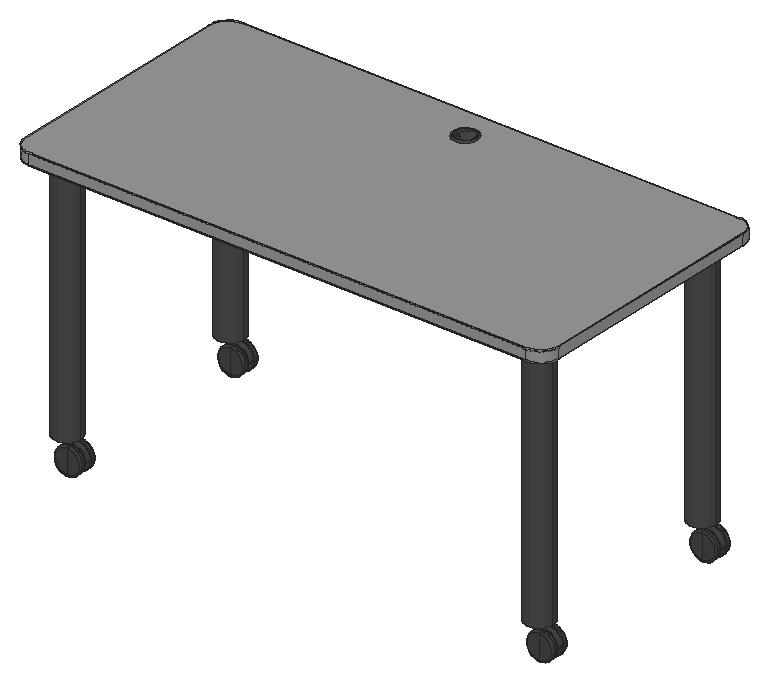
Revit family "Modular Conference Table Rectangle", category Generic Models, Revit 2018
Family settings
  Can host rebar = No
  Round Connector Dimension = Use Diameter
  Part Type = Normal
  Work Plane-Based = No
  Always vertical = Yes
  Cut with Voids When Loaded = No
  Shared = No
  Room Calculation Point = No
Parameters
  Surface = Modular Rectangle Surface
  Edgeband = Modular Rectangle Edgeband
Reference planes (in)
  plane 1 "Center (Front/Back)": y = 0
  plane 2: z = 0
  plane 3 "Center (Left/Right)": x = 0
Forms (in)
  Extrusion 1, solid, material "Modular Rectangle Surface" <- "Surface"
    sketch origin (0, 0, 0) x (1, 0, 0) y (0, 1, 0)
      loop
        line (27, 14.42126) -> (-27, 14.42126)
        arc (-27, 14.42126) -> (-28.35854, 13.85854) -> (-28.92126, 12.5) r 1.92126
        line (-28.92126, 12.5) -> (-28.92126, -12.5)
        arc (-28.92126, -12.5) -> (-28.35854, -13.85854) -> (-27, -14.42126) r 1.92126
        line (-27, -14.42126) -> (27, -14.42126)
        arc (27, -14.42126) -> (28.35853, -13.85854) -> (28.92126, -12.5) r 1.92126
        line (28.92126, -12.5) -> (28.92126, 12.5)
        arc (28.92126, 12.5) -> (28.35853, 13.85854) -> (27, 14.42126) r 1.92126
      loop
        circle (0, 11) r 1.21937
    from 30.55647 to 31.80647
  Sweep 2, solid, material "Modular Rectangle Edgeband" <- "Edgeband"
    path origin (0, 0, 0) x (1, 0, 0) y (0, 1, 0)
      loop
        line (-28.92126, 12.5) -> (-28.92126, -12.5)
        arc (-28.92126, -12.5) -> (-28.35854, -13.85854) -> (-27, -14.42126) r 1.92126
        line (-27, -14.42126) -> (27, -14.42126)
        arc (27, -14.42126) -> (28.35853, -13.85854) -> (28.92126, -12.5) r 1.92126
        line (28.92126, -12.5) -> (28.92126, 12.5)
        arc (28.92126, 12.5) -> (28.35853, 13.85854) -> (27, 14.42126) r 1.92126
        line (27, 14.42126) -> (-27, 14.42126)
        arc (-27, 14.42126) -> (-28.35854, 13.85854) -> (-28.92126, 12.5) r 1.92126
    profile origin (-28.92126, 0, 0) x (1, 0, 0) y (0, 0, 1)
      loop
        arc (0, 31.80647) -> (-0.05568, 31.78341) -> (-0.07874, 31.72773) r 0.07874
        line (-0.07874, 31.72773) -> (-0.07874, 30.63521)
        arc (-0.07874, 30.63521) -> (-0.05568, 30.57953) -> (0, 30.55647) r 0.07874
        line (0, 30.55647) -> (0, 31.80647)
  Sweep 3, solid, material "Modular Grommet"
    path origin (0, 0, 0) x (1, 0, 0) y (0, 1, 0)
      loop
        circle (0, 11) r 1.21937
    profile origin (0, 12.21937, 0) x (0, 1, 0) y (0, 0, 1)
      loop
        line (-0.09608, 31.80647) -> (0.06005, 31.80647)
        arc (0.06005, 31.80647) -> (-0.00337, 31.87932) -> (-0.09608, 31.90647) r 0.17188
        line (-0.09608, 31.90647) -> (-0.1889, 31.90647) -> (-0.1889, 31.30647) -> (-0.09608, 31.30647) -> (-0.09608, 31.80647)
  Extrusion 4, solid, material "Modular Grommet"
    sketch origin (0, 0, 0) x (1, 0, 0) y (0, 1, 0)
      loop
        arc (-0.11798, 11.61999) -> (-0.53018, 10.99892) -> (-0.11599, 10.37918) r 0.67236
        arc (-0.11599, 10.37918) -> (-0.05885, 10.34094) -> (-0.01963, 10.28448) r 0.18494
        arc (-0.01963, 10.28448) -> (-0.04716, 10.07758) -> (-0.24007, 9.99789) r 0.20881
        arc (-0.24007, 9.99789) -> (0.63815, 10.19091) -> (1.03047, 11) r 1.03047
        arc (1.03047, 11) -> (0.63815, 11.80909) -> (-0.24007, 12.00211) r 1.03047
        arc (-0.24007, 12.00211) -> (-0.04716, 11.92242) -> (-0.01963, 11.71552) r 0.20881
        arc (-0.01963, 11.71552) -> (-0.05962, 11.6583) -> (-0.11798, 11.61999) r 0.18494
    from 31.80647 to 31.90647
  Extrusion 5, solid, material "Modular Frame"
    sketch origin (0, 0, 0) x (1, 0, 0) y (0, 1, 0)
      loop
        line (23.22613, 13.08025) -> (23.22613, 9.08024)
        arc (23.22613, 9.08024) -> (23.37258, 8.72669) -> (23.72613, 8.58025) r 0.5
        line (23.72613, 8.58025) -> (27.72613, 8.58025)
        arc (27.72613, 8.58025) -> (28.07968, 8.72669) -> (28.22613, 9.08025) r 0.5
        line (28.22613, 9.08025) -> (28.22613, 13.08025)
        arc (28.22613, 13.08025) -> (28.07969, 13.4338) -> (27.72613, 13.58025) r 0.5
        line (27.72613, 13.58025) -> (23.72613, 13.58025)
        arc (23.72613, 13.58025) -> (23.37258, 13.4338) -> (23.22613, 13.08025) r 0.5
      loop
        line (23.22613, -9.04275) -> (23.22613, -13.04275)
        arc (23.22613, -13.04275) -> (23.37258, -13.3963) -> (23.72613, -13.54275) r 0.5
        line (23.72613, -13.54275) -> (27.72613, -13.54275)
        arc (27.72613, -13.54275) -> (28.07968, -13.3963) -> (28.22613, -13.04275) r 0.5
        line (28.22613, -13.04275) -> (28.22613, -9.04275)
        arc (28.22613, -9.04275) -> (28.07969, -8.68919) -> (27.72613, -8.54275) r 0.5
        line (27.72613, -8.54275) -> (23.72613, -8.54275)
        arc (23.72613, -8.54275) -> (23.37258, -8.68919) -> (23.22613, -9.04275) r 0.5
      loop
        arc (-23.09767, 13.08025) -> (-23.24411, 13.4338) -> (-23.59767, 13.58025) r 0.5
        line (-23.59767, 13.58025) -> (-27.59767, 13.58025)
        arc (-27.59767, 13.58025) -> (-27.95122, 13.4338) -> (-28.09766, 13.08025) r 0.5
        line (-28.09766, 13.08025) -> (-28.09766, 9.08025)
        arc (-28.09766, 9.08025) -> (-27.95122, 8.72669) -> (-27.59766, 8.58025) r 0.5
        line (-27.59766, 8.58025) -> (-23.59766, 8.58025)
        arc (-23.59766, 8.58025) -> (-23.24411, 8.72669) -> (-23.09767, 9.08024) r 0.5
        line (-23.09767, 9.08024) -> (-23.09767, 13.08025)
      loop
        arc (-23.09767, -9.04275) -> (-23.24411, -8.68919) -> (-23.59767, -8.54275) r 0.5
        line (-23.59767, -8.54275) -> (-27.59767, -8.54275)
        arc (-27.59767, -8.54275) -> (-27.95122, -8.68919) -> (-28.09766, -9.04275) r 0.5
        line (-28.09766, -9.04275) -> (-28.09766, -13.04275)
        arc (-28.09766, -13.04275) -> (-27.95122, -13.3963) -> (-27.59766, -13.54275) r 0.5
        line (-27.59766, -13.54275) -> (-23.59766, -13.54275)
        arc (-23.59766, -13.54275) -> (-23.24411, -13.3963) -> (-23.09767, -13.04275) r 0.5
        line (-23.09767, -13.04275) -> (-23.09767, -9.04275)
    from 30.45647 to 30.55647
  Extrusion 6, solid, material "Modular Frame"
    sketch origin (0, 0, 0) x (1, 0, 0) y (0, 1, 0)
      loop
        circle (-25.59767, 11.08024) r 1.5
      loop
        circle (-25.59767, -11.08024) r 1.5
      loop
        circle (25.72613, 11.08024) r 1.5
      loop
        circle (25.72613, -11.08024) r 1.5
    from 3.45647 to 30.45647
  Revolve 7, solid, material "Modular Casters"
    sketch origin (25.72613, 5.73078, 0) x (0, -1, 0) y (0, 0, 1)
      loop
        line (16.81102, 3.5211) -> (16.81102, 3.16677) -> (17.00648, 3.16677) -> (17.00648, 3.20614) -> (17.08661, 3.20614) -> (17.08661, 3.44236) -> (17.1339, 3.44236) -> (17.1339, 3.5211) -> (16.81102, 3.5211)
      axis (16.81102, 3.5211) -> (16.81102, 3.16677)
    angle from 0 to 360
  Revolve 8, solid, material "Modular Casters"
    sketch origin (26.51997, 5.73078, 0) x (0, -1, 0) y (0, 0, 1)
      loop
        line (17.22441, 1.4778) -> (17.22441, 0.07982)
        arc (17.22441, 0.07982) -> (17.24779, 0.02338) -> (17.30423, 0) r 0.07982
        line (17.30423, 0) -> (17.61778, 0)
        arc (17.61778, 0) -> (17.7291, 0.04611) -> (17.7752, 0.15742) r 0.15742
        line (17.7752, 0.15742) -> (17.7752, 1.4778) -> (17.22441, 1.4778)
      axis (17.22441, 1.4778) -> (17.7752, 1.4778)
    angle from 0 to 360
  Extrusion 9, solid, material "Modular Casters"
    sketch origin (36.16059, 5.73078, 0) x (1, 0, 0) y (0, 0, 1)
      loop
        arc (-8.77559, 1.08409) -> (-8.74775, 1.09563) -> (-8.73622, 1.12347) r 0.03937
        line (-8.73622, 1.12347) -> (-8.73622, 1.43843)
        arc (-8.73622, 1.43843) -> (-8.72469, 1.46626) -> (-8.69685, 1.4778) r 0.03937
        line (-8.69685, 1.4778) -> (-8.20422, 1.4778)
        arc (-8.20422, 1.4778) -> (-8.17682, 1.4885) -> (-8.16394, 1.51495) r 0.04041
        arc (-8.16394, 1.51495) -> (-9.83914, 2.94108) -> (-11.07437, 1.12056) r 1.4773
        arc (-11.07437, 1.12056) -> (-11.06369, 1.09477) -> (-11.03791, 1.08409) r 0.03646
        line (-11.03791, 1.08409) -> (-8.77559, 1.08409)
    from 16.51575 to 17.1063
  Revolve 10, solid, material "Modular Casters"
    sketch origin (25.72835, 5.73078, 0) x (0, -1, 0) y (0, 0, 1)
      loop
        line (17.1063, 2.16677) -> (17.1063, 3.16677) -> (16.81102, 3.16677) -> (16.81102, 2.16677) -> (17.1063, 2.16677)
      axis (16.81102, 3.16677) -> (16.81102, 2.16677)
    angle from 0 to 360
  Extrusion 11, solid, material "Modular Casters"
    sketch origin (36.16059, 5.73078, 0) x (1, 0, 0) y (0, 0, 1)
      loop
        circle (-9.64651, 1.48012) r 0.29382
    from 16.39764 to 17.22441
  Revolve 12, solid, material "Modular Casters"
    sketch origin (26.51997, -27.89127, 0) x (0, 1, 0) y (0, 0, -1)
      loop
        line (17.22441, -1.4778) -> (17.7752, -1.4778) -> (17.7752, -0.15742)
        arc (17.7752, -0.15742) -> (17.7291, -0.04611) -> (17.61778, 0) r 0.15742
        line (17.61778, 0) -> (17.30423, 0)
        arc (17.30423, 0) -> (17.24779, -0.02338) -> (17.22441, -0.07982) r 0.07982
        line (17.22441, -0.07982) -> (17.22441, -1.4778)
      axis (17.22441, -1.4778) -> (17.7752, -1.4778)
    angle from 0 to 360
  Revolve 13, solid, material "Modular Casters"
    sketch origin (25.72613, 27.89127, 0) x (0, -1, 0) y (0, 0, 1)
      loop
        line (16.81102, 3.5211) -> (16.81102, 3.16677) -> (17.00648, 3.16677) -> (17.00648, 3.20614) -> (17.08661, 3.20614) -> (17.08661, 3.44236) -> (17.1339, 3.44236) -> (17.1339, 3.5211) -> (16.81102, 3.5211)
      axis (16.81102, 3.5211) -> (16.81102, 3.16677)
    angle from 0 to 360
  Revolve 14, solid, material "Modular Casters"
    sketch origin (26.51997, 27.89127, 0) x (0, -1, 0) y (0, 0, 1)
      loop
        line (17.22441, 1.4778) -> (17.22441, 0.07982)
        arc (17.22441, 0.07982) -> (17.24779, 0.02338) -> (17.30423, 0) r 0.07982
        line (17.30423, 0) -> (17.61778, 0)
        arc (17.61778, 0) -> (17.7291, 0.04611) -> (17.7752, 0.15742) r 0.15742
        line (17.7752, 0.15742) -> (17.7752, 1.4778) -> (17.22441, 1.4778)
      axis (17.22441, 1.4778) -> (17.7752, 1.4778)
    angle from 0 to 360
  Extrusion 15, solid, material "Modular Casters"
    sketch origin (36.16059, 27.89127, 0) x (1, 0, 0) y (0, 0, 1)
      loop
        arc (-8.77559, 1.08409) -> (-8.74775, 1.09563) -> (-8.73622, 1.12347) r 0.03937
        line (-8.73622, 1.12347) -> (-8.73622, 1.43843)
        arc (-8.73622, 1.43843) -> (-8.72469, 1.46626) -> (-8.69685, 1.4778) r 0.03937
        line (-8.69685, 1.4778) -> (-8.20422, 1.4778)
        arc (-8.20422, 1.4778) -> (-8.17682, 1.4885) -> (-8.16394, 1.51495) r 0.04041
        arc (-8.16394, 1.51495) -> (-9.83914, 2.94108) -> (-11.07437, 1.12056) r 1.4773
        arc (-11.07437, 1.12056) -> (-11.06369, 1.09477) -> (-11.03791, 1.08409) r 0.03646
        line (-11.03791, 1.08409) -> (-8.77559, 1.08409)
    from 16.51575 to 17.1063
  Revolve 16, solid, material "Modular Casters"
    sketch origin (25.72835, 27.89127, 0) x (0, -1, 0) y (0, 0, 1)
      loop
        line (17.1063, 2.16677) -> (17.1063, 3.16677) -> (16.81102, 3.16677) -> (16.81102, 2.16677) -> (17.1063, 2.16677)
      axis (16.81102, 3.16677) -> (16.81102, 2.16677)
    angle from 0 to 360
  Extrusion 17, solid, material "Modular Casters"
    sketch origin (36.16059, 27.89127, 0) x (1, 0, 0) y (0, 0, 1)
      loop
        circle (-9.64651, 1.48012) r 0.29382
    from 16.39764 to 17.22441
  Revolve 18, solid, material "Modular Casters"
    sketch origin (26.51997, -5.73078, 0) x (0, 1, 0) y (0, 0, -1)
      loop
        line (17.22441, -1.4778) -> (17.7752, -1.4778) -> (17.7752, -0.15742)
        arc (17.7752, -0.15742) -> (17.7291, -0.04611) -> (17.61778, 0) r 0.15742
        line (17.61778, 0) -> (17.30423, 0)
        arc (17.30423, 0) -> (17.24779, -0.02338) -> (17.22441, -0.07982) r 0.07982
        line (17.22441, -0.07982) -> (17.22441, -1.4778)
      axis (17.22441, -1.4778) -> (17.7752, -1.4778)
    angle from 0 to 360
  Revolve 19, solid, material "Modular Casters"
    sketch origin (-25.59767, 27.89127, 0) x (0, -1, 0) y (0, 0, 1)
      loop
        line (16.81102, 3.5211) -> (16.81102, 3.16677) -> (17.00648, 3.16677) -> (17.00648, 3.20614) -> (17.08661, 3.20614) -> (17.08661, 3.44236) -> (17.1339, 3.44236) -> (17.1339, 3.5211) -> (16.81102, 3.5211)
      axis (16.81102, 3.5211) -> (16.81102, 3.16677)
    angle from 0 to 360
  Revolve 20, solid, material "Modular Casters"
    sketch origin (-24.80383, 27.89127, 0) x (0, -1, 0) y (0, 0, 1)
      loop
        line (17.22441, 1.4778) -> (17.22441, 0.07982)
        arc (17.22441, 0.07982) -> (17.24779, 0.02338) -> (17.30423, 0) r 0.07982
        line (17.30423, 0) -> (17.61778, 0)
        arc (17.61778, 0) -> (17.7291, 0.04611) -> (17.7752, 0.15742) r 0.15742
        line (17.7752, 0.15742) -> (17.7752, 1.4778) -> (17.22441, 1.4778)
      axis (17.22441, 1.4778) -> (17.7752, 1.4778)
    angle from 0 to 360
  Extrusion 21, solid, material "Modular Casters"
    sketch origin (-15.1632, 27.89127, 0) x (1, 0, 0) y (0, 0, 1)
      loop
        arc (-8.77559, 1.08409) -> (-8.74775, 1.09563) -> (-8.73622, 1.12347) r 0.03937
        line (-8.73622, 1.12347) -> (-8.73622, 1.43843)
        arc (-8.73622, 1.43843) -> (-8.72469, 1.46626) -> (-8.69685, 1.4778) r 0.03937
        line (-8.69685, 1.4778) -> (-8.20422, 1.4778)
        arc (-8.20422, 1.4778) -> (-8.17682, 1.4885) -> (-8.16394, 1.51495) r 0.04041
        arc (-8.16394, 1.51495) -> (-9.83914, 2.94108) -> (-11.07437, 1.12056) r 1.4773
        arc (-11.07437, 1.12056) -> (-11.06369, 1.09477) -> (-11.03791, 1.08409) r 0.03646
        line (-11.03791, 1.08409) -> (-8.77559, 1.08409)
    from 16.51575 to 17.1063
  Revolve 22, solid, material "Modular Casters"
    sketch origin (-25.59544, 27.89127, 0) x (0, -1, 0) y (0, 0, 1)
      loop
        line (17.1063, 2.16677) -> (17.1063, 3.16677) -> (16.81102, 3.16677) -> (16.81102, 2.16677) -> (17.1063, 2.16677)
      axis (16.81102, 3.16677) -> (16.81102, 2.16677)
    angle from 0 to 360
  Extrusion 23, solid, material "Modular Casters"
    sketch origin (-15.1632, 27.89127, 0) x (1, 0, 0) y (0, 0, 1)
      loop
        circle (-9.64651, 1.48012) r 0.29382
    from 16.39764 to 17.22441
  Revolve 24, solid, material "Modular Casters"
    sketch origin (-24.80383, -5.73078, 0) x (0, 1, 0) y (0, 0, -1)
      loop
        line (17.22441, -1.4778) -> (17.7752, -1.4778) -> (17.7752, -0.15742)
        arc (17.7752, -0.15742) -> (17.7291, -0.04611) -> (17.61778, 0) r 0.15742
        line (17.61778, 0) -> (17.30423, 0)
        arc (17.30423, 0) -> (17.24779, -0.02338) -> (17.22441, -0.07982) r 0.07982
        line (17.22441, -0.07982) -> (17.22441, -1.4778)
      axis (17.22441, -1.4778) -> (17.7752, -1.4778)
    angle from 0 to 360
  Revolve 25, solid, material "Modular Casters"
    sketch origin (-25.59767, 5.73078, 0) x (0, -1, 0) y (0, 0, 1)
      loop
        line (16.81102, 3.5211) -> (16.81102, 3.16677) -> (17.00648, 3.16677) -> (17.00648, 3.20614) -> (17.08661, 3.20614) -> (17.08661, 3.44236) -> (17.1339, 3.44236) -> (17.1339, 3.5211) -> (16.81102, 3.5211)
      axis (16.81102, 3.5211) -> (16.81102, 3.16677)
    angle from 0 to 360
  Revolve 26, solid, material "Modular Casters"
    sketch origin (-24.80383, 5.73078, 0) x (0, -1, 0) y (0, 0, 1)
      loop
        line (17.22441, 1.4778) -> (17.22441, 0.07982)
        arc (17.22441, 0.07982) -> (17.24779, 0.02338) -> (17.30423, 0) r 0.07982
        line (17.30423, 0) -> (17.61778, 0)
        arc (17.61778, 0) -> (17.7291, 0.04611) -> (17.7752, 0.15742) r 0.15742
        line (17.7752, 0.15742) -> (17.7752, 1.4778) -> (17.22441, 1.4778)
      axis (17.22441, 1.4778) -> (17.7752, 1.4778)
    angle from 0 to 360
  Extrusion 27, solid, material "Modular Casters"
    sketch origin (-15.1632, 5.73078, 0) x (1, 0, 0) y (0, 0, 1)
      loop
        arc (-8.77559, 1.08409) -> (-8.74775, 1.09563) -> (-8.73622, 1.12347) r 0.03937
        line (-8.73622, 1.12347) -> (-8.73622, 1.43843)
        arc (-8.73622, 1.43843) -> (-8.72469, 1.46626) -> (-8.69685, 1.4778) r 0.03937
        line (-8.69685, 1.4778) -> (-8.20422, 1.4778)
        arc (-8.20422, 1.4778) -> (-8.17682, 1.4885) -> (-8.16394, 1.51495) r 0.04041
        arc (-8.16394, 1.51495) -> (-9.83914, 2.94108) -> (-11.07437, 1.12056) r 1.4773
        arc (-11.07437, 1.12056) -> (-11.06369, 1.09477) -> (-11.03791, 1.08409) r 0.03646
        line (-11.03791, 1.08409) -> (-8.77559, 1.08409)
    from 16.51575 to 17.1063
  Revolve 28, solid, material "Modular Casters"
    sketch origin (-25.59544, 5.73078, 0) x (0, -1, 0) y (0, 0, 1)
      loop
        line (17.1063, 2.16677) -> (17.1063, 3.16677) -> (16.81102, 3.16677) -> (16.81102, 2.16677) -> (17.1063, 2.16677)
      axis (16.81102, 3.16677) -> (16.81102, 2.16677)
    angle from 0 to 360
  Extrusion 29, solid, material "Modular Casters"
    sketch origin (-15.1632, 5.73078, 0) x (1, 0, 0) y (0, 0, 1)
      loop
        circle (-9.64651, 1.48012) r 0.29382
    from 16.39764 to 17.22441
  Revolve 30, solid, material "Modular Casters"
    sketch origin (-24.80383, -27.89127, 0) x (0, 1, 0) y (0, 0, -1)
      loop
        line (17.22441, -1.4778) -> (17.7752, -1.4778) -> (17.7752, -0.15742)
        arc (17.7752, -0.15742) -> (17.7291, -0.04611) -> (17.61778, 0) r 0.15742
        line (17.61778, 0) -> (17.30423, 0)
        arc (17.30423, 0) -> (17.24779, -0.02338) -> (17.22441, -0.07982) r 0.07982
        line (17.22441, -0.07982) -> (17.22441, -1.4778)
      axis (17.22441, -1.4778) -> (17.7752, -1.4778)
    angle from 0 to 360
Dimensions and locks (in)
  aligned and locked: plane 2 to level
